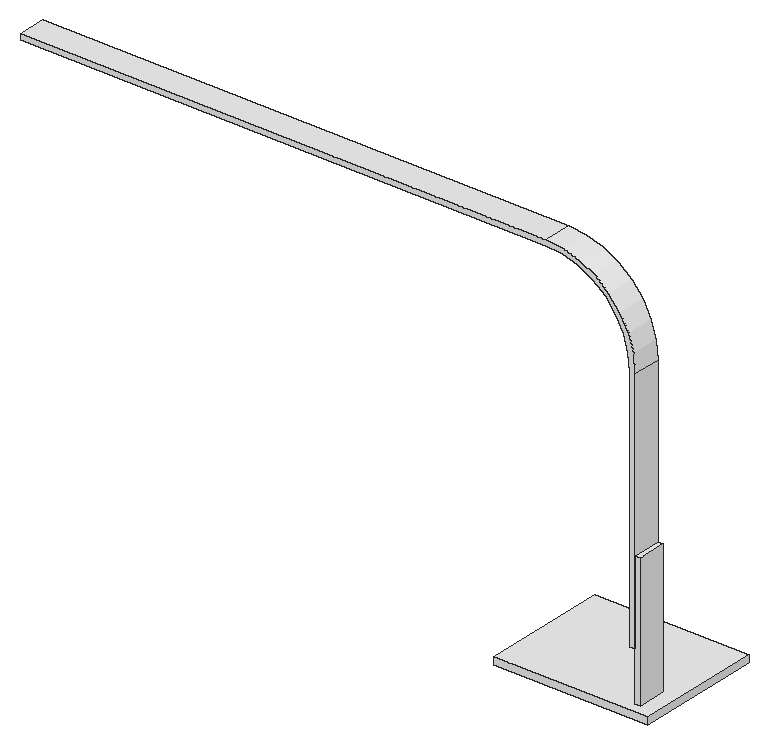
Revit family
Parameters (values of type "Freestanding Pivot")
  Worksurface Mount = no
  Width = 26 1/2"  # constant formula
  Wattage Comments = "3 and 7.5 Watts 120 Volt 60 Hertz"  # constant formula
  Wattage = 7.5 W
  Warranty = "www.haworth.com/en-us/Products/Pages/Certifications.aspx"
  built-in parameter 1150110 = 1 (stored number, unit not read)
  URL - Product = "http://www.haworth.com/en-us/Products/Furniture/Accessories/Lighting/Pages/LIM.aspx"
  URL = "www.haworth.com"
  Type Comments = " "
  built-in parameter 1114217 = 1 (stored number, unit not read)
  built-in parameter 1150109 = 1 (stored number, unit not read)
  built-in parameter 1150134 = 5
  Table Thickness = 1 1/2"  # constant formula
  Sustainability Info = "www.haworth.com/en-us/About-Us/Sustainability/Pages/Vision.aspx"
  built-in parameter 1150113 = 1 (stored number, unit not read)
  Stand Mount = not(Add On)  # yes
  Size = "Verify Final Dim. w/ Haworth"  # constant formula
  Revision Number = "2"  # constant formula
  Post to Centerline = 3"  # constant formula
  Model = "LIM"
  Min/Max Height = if(Freestanding Floor, "48-56 in.", if(Freestanding Pivot, "14-22 in.", "13-21 in."))  # "14-22 in."
  Manufacturer = "Haworth"  # constant formula
  built-in parameter 1150105 = 238.73 (stored number, unit not read)
  Lumens = 750 lm
  built-in parameter 1150115 = 1 (stored number, unit not read)
  Light Source Symbol Size = 17"  # constant formula
  Light Source Height = if(Add On, 3 3/4", Height - 3" / 16)  # 13 13/16"
  built-in parameter 1150137 = (empty or 0)
  built-in parameter 1150139 = (empty or 0)
  built-in parameter 1150112 = 1 (stored number, unit not read)
  built-in parameter 1150114 = 1 (stored number, unit not read)
  Lamp Finish = Haworth - Metal - Brushed Aluminum
  Lamp = ""
  LEED Data = "www.haworth.com/_layouts/Haworth.ProductCatalog/Handlers/GetAsset.ashx/LIM-Brochure.pdf?cid=724&rid=652&type=Brochure"
  built-in parameter 1150132 = (empty or 0)
  built-in parameter 1150102 = (empty or 0)
  built-in parameter 1150107 = 6000 (stored number, unit not read)
  built-in parameter 1150138 = (empty or 0)
  built-in parameter 1150106 = 59.683 (stored number, unit not read)
  Height = if(Freestanding Floor, 50", 14")  # 14"
  Grommet Mount = no
  Freestanding Pivot = not(or(Freestanding Block, Freestanding Floor, Grommet Mount, Worksurface Mount))  # yes
  Freestanding Floor = no
  Freestanding Block = no
  Emit from Line Length = 17"  # constant formula
  built-in parameter 1150104 = 9.2903 (stored number, unit not read)
  Dimming Lamp Color Temperature Shift = (empty or 0)
  Description = "LIM Light"  # constant formula
  Color Filter = 16777215
  Bracket Mount = or(Grommet Mount, Worksurface Mount)  # no
  Base Offset [instance] = 29"
  Base = or(Freestanding Floor, Freestanding Pivot)  # yes
  built-in parameter 1114218 = 1 (stored number, unit not read)
  Author = "SHAPE Environments, LLC"  # constant formula
  built-in parameter 1150133 = 2 (stored number, unit not read)
  Assembly Code = "D5020200"
  Arm Length = 22"  # constant formula
  Add on Offset = if(Freestanding Block, 3 1/2", if(Freestanding Floor, 1", 3/16"))  # 3/16"
  Add On = no
Types (5): name | Worksurface Mount | Min/Max Height | Light Source Height | Height | Grommet Mount | Freestanding Pivot | Freestanding Floor | Freestanding Block | Bracket Mount | Base Offset | Base | Add on Offset
  Grommet Mount | no | "13-21 in." | 13 13/16" | 14" | yes | no | no | no | yes | 29" | no | 3/16"
  Freestanding Block | no | "13-21 in." | 13 13/16" | 14" | no | no | no | yes | no | 29" | no | 3 1/2"
  Freestanding Pivot | no | "14-22 in." | 13 13/16" | 14" | no | yes | no | no | no | 29" | yes | 3/16"
  Freestanding Floor | no | "48-56 in." | 49 13/16" | 50" | no | no | yes | no | no | 0" | yes | 1"
  Worksurface Mount | yes | "13-21 in." | 13 13/16" | 14" | no | no | no | no | yes | 29" | no | 3/16"
Reference planes (in)
  plane 1 "Center F/B": y = 8.82887
  plane 2 "Base": z = 29
  plane 3 "Center L/R": x = 1.15861
  plane 4 "Lamp Height": z = 43
  plane 5: z = 31
  plane 6 "Light Source": z = 42.8125
  plane 7 "Table Bottom": z = 27.5
Forms (in)
  Revolve 1, solid, material "Haworth - Metal - Brushed Aluminum" <- "Lamp Finish", visible <- "Grommet Mount"
    sketch origin (0, 8.82887, 0) x (1, 0, 0) y (0, 0, 1)
      loop
        line (1.15861, 29) -> (2.65861, 29) -> (2.65861, 29.0625) -> (1.15861, 29.0625) -> (1.15861, 29)
      axis (1.15861, 29.0625) -> (1.15861, 29)
    angle from 0 to 360
  Sweep 2, solid, material "Haworth - Metal - Brushed Aluminum" <- "Lamp Finish", visible <- "Stand Mount"
    path origin (3, 8.82887, 0) x (1, 0, 0) y (0, 0, 1)
      loop
        line (-23.84139, 43) -> (-5.02889, 43)
        arc (-5.02889, 43) -> (-2.77499, 42.0664) -> (-1.84139, 39.8125) r 3.1875
        line (-1.84139, 39.8125) -> (-1.84139, 31)
    profile "LIM_Profile : LIM_Profile" origin (-11.43514, 8.82887, 43) x (0, 0, 1) y (0, -1, 0)
      loop
        line (0, -0.5) -> (0, 0.5) -> (-0.1875, 0.5) -> (-0.1875, -0.5) -> (0, -0.5)
  Extrusion 3, solid, material "Haworth - Metal - Brushed Aluminum" <- "Lamp Finish", visible <- "Freestanding Block"
    sketch origin (1.15861, 0, 0) x (0, 1, 0) y (0, 0, 1)
      loop
        line (9.39137, 34.625) -> (8.26637, 34.625) -> (8.26637, 29.125) -> (7.32887, 29.125) -> (7.32887, 29) -> (10.32887, 29) -> (10.32887, 29.125) -> (9.39137, 29.125) -> (9.39137, 34.625)
    from 0 to 3.5
  Sweep 4, solid, material "Haworth - Metal - Brushed Aluminum" <- "Lamp Finish", visible <- "Freestanding Pivot"
    path origin (-0.68279, 8.82887, 0) x (-1, 0, 0) y (0, 0, 1)
      loop
        line (-1.84139, 34) -> (-1.84139, 29)
    profile "LIM_Profile : LIM_Profile" origin (1.15861, 8.82887, 31.5) x (1, 0, 0) y (0, -1, 0)
      loop
        line (0, -0.5) -> (0.1875, -0.5) -> (0.1875, 0.5) -> (0, 0.5) -> (0, -0.5)
  Extrusion 5, solid, material "Haworth - Metal - Brushed Aluminum" <- "Lamp Finish", visible <- "Freestanding Pivot"
    sketch origin (0, 0, 29) x (1, 0, 0) y (0, 1, 0)
      loop
        line (-3.59139, 12.45387) -> (-3.59139, 7.95387) -> (1.90861, 7.95387) -> (1.90861, 12.45387) -> (-3.59139, 12.45387)
    from 0 to 0.25
  Extrusion 6, solid, material "Haworth - Metal - Brushed Aluminum" <- "Lamp Finish", visible <- "Freestanding Floor"
    sketch origin (0, 0, 29) x (1, 0, 0) y (0, 1, 0)
      loop
        line (1.15861, 8.32887) -> (2.15861, 8.32887) -> (2.15861, 9.32887) -> (1.15861, 9.32887) -> (1.15861, 8.32887)
    from 0 to 38
  Extrusion 7, solid, material "Haworth - Metal - Brushed Aluminum" <- "Lamp Finish", visible <- "Freestanding Floor"
    sketch origin (0, 0, 29) x (1, 0, 0) y (0, 1, 0)
      loop
        line (-2.84139, 4.32887) -> (6.15861, 4.32887) -> (6.15861, 13.32887) -> (-2.84139, 13.32887) -> (-2.84139, 4.32887)
    from 0 to 0.375
  Sweep 8, solid, material "Haworth - Metal - Brushed Aluminum" <- "Lamp Finish", visible <- "Add On"
    path origin (1.00471, 8.82887, 0) x (-1, 0, 0) y (0, 0, 1)
      loop
        line (-22.34139, 43) -> (-3.52889, 43)
        arc (-3.52889, 43) -> (-1.27499, 42.0664) -> (-0.34139, 39.8125) r 3.1875
        line (-0.34139, 39.8125) -> (-0.34139, 31)
    profile "LIM_Profile : LIM_Profile" origin (13.93986, 8.82887, 43) x (0, 0, -1) y (0, -1, 0)
      loop
        line (0, -0.5) -> (0.1875, -0.5) -> (0.1875, 0.5) -> (0, 0.5) -> (0, -0.5)
  Sweep 9, solid, material "Haworth - Metal - Brushed Aluminum" <- "Lamp Finish", visible <- "Bracket Mount"
    path origin (3, 8.82887, 4) x (1, 0, 0) y (0, 0, -1)
      loop
        line (-5.90389, -23.3125) -> (-2.40389, -23.3125)
        arc (-2.40389, -23.3125) -> (-2.00614, -23.47725) -> (-1.84139, -23.875) r 0.5625
        line (-1.84139, -23.875) -> (-1.84139, -27)
    profile "LIM_Profile : LIM_Profile" origin (-1.15389, 8.82887, 27.3125) x (0, 0, 1) y (0, -1, 0)
      loop
        line (0, -0.5) -> (0.1875, -0.5) -> (0.1875, 0.5) -> (0, 0.5) -> (0, -0.5)
Cuts and joins
  joined: Sweep 4, Extrusion 5
  joined: Extrusion 6, Extrusion 7
Lines and regions (in)
  Masking region 1, visible <- "Stand Mount"
    outline origin (0, 0, 43) x (0, -1, 0) y (1, 0, 0)
      loop
        line (-9.32887, -20.84139) -> (-8.32887, -20.84139) -> (-8.32887, 1.15861) -> (-9.32887, 1.15861) -> (-9.32887, -20.84139)
  Masking region 2, visible <- "Add On"
    outline origin (0, 0, 43) x (0, -1, 0) y (1, 0, 0)
      loop
        line (-9.32887, 1.15861) -> (-8.32887, 1.15861) -> (-8.32887, 23.34611) -> (-9.32887, 23.34611) -> (-9.32887, 1.15861)
  Masking region 3, visible <- "Freestanding Floor"
    outline origin (0, 0, 0) x (1, 0, 0) y (0, 1, 0)
      loop
        line (-2.84139, 13.32887) -> (-2.84139, 4.32887) -> (6.15861, 4.32887) -> (6.15861, 13.32887) -> (-2.84139, 13.32887)
  Masking region 4, visible <- "Freestanding Pivot"
    outline origin (0, 0, 0) x (1, 0, 0) y (0, 1, 0)
      loop
        line (-3.59139, 12.45387) -> (-3.59139, 7.95387) -> (1.90861, 7.95387) -> (1.90861, 12.45387) -> (-3.59139, 12.45387)
  Masking region 5, visible <- "Grommet Mount"
    outline origin (0, 0, 0) x (1, 0, 0) y (0, 1, 0)
      loop
        circle (1.15861, 8.82887) r 1.5
  Masking region 6, visible <- "Freestanding Block"
    outline origin (0, 0, 0) x (1, 0, 0) y (0, 1, 0)
      loop
        line (4.65861, 10.32887) -> (1.15861, 10.32887) -> (1.15861, 7.32887) -> (4.65861, 7.32887) -> (4.65861, 10.32887)
  symbolic lines, style "Haworth", visible <- "Freestanding Pivot"
    curve 1: line (1.15861, 9.32887, 0) -> (1.15861, 8.32887, 0)
    curve 2: line (1.34611, 9.32887, 0) -> (1.34611, 8.32887, 0)
Dimensions and locks (in)
  "Height": plane 4 "Lamp Height" to plane 2 "Base"
  locked: plane 4 "Lamp Height" to plane 5 at 12
  Extrusion 5 sketch curve to plane 1 "Center F/B" to Extrusion 5 sketch curve = 7/8", 3 5/8"
  Extrusion 5 sketch curve to plane 3 "Center L/R" to Extrusion 5 sketch curve = 4 3/4", 3/4"
  "Light Source Height": plane 6 "Light Source" to plane 2 "Base"
  "Arm Length": plane 3 "Center L/R" to Sweep 2 sketch curve
  "Add on Offset": Sweep 8 sketch curve to plane 3 "Center L/R"
  "Arm Length": Sweep 8 sketch curve to Sweep 8 sketch curve
  "Table Thickness": plane 2 "Base" to plane 7 "Table Bottom"
  Sweep 4 sketch curve to plane 2 "Base" = 5"
  Revolve 1 sketch curve to plane 2 "Base" = 1/16"
  plane 2 "Base" to Extrusion 3 sketch curve = 5 5/8"
  Extrusion 3 sketch curve to Extrusion 3 sketch curve = 5 1/2"  (x2)
  "Base Offset": plane 2 "Base" to level
  locked: plane 7 "Table Bottom" to Sweep 9 sketch curve at 0.1875
  radius of Sweep 2 sketch curve = 3 3/16"
  radius of Sweep 8 sketch curve = 3 3/16"
  radius of Sweep 9 sketch curve = 9/16"
  aligned and locked: Sweep 2 sketch curve to plane 4 "Lamp Height"
  aligned and locked: plane 5 to Sweep 2 sketch curve
  aligned and locked: plane 6 "Light Source" to imposter light
  aligned and locked: plane 2 "Base" to Sweep 4 sketch curve
  aligned and locked: plane 2 "Base" to Revolve 1 sketch curve
  aligned and locked: plane 2 "Base" to Extrusion 3 sketch curve
  aligned and locked: plane 5 to Sweep 9 sketch curve
Automatic sketch dimensions
  Revolve 1 sketch curve to plane 3 "Center L/R" = 0"  (x2)
  plane 3 "Center L/R" to Revolve 1 sketch curve = 1 1/2"
  plane 7 "Table Bottom" to Revolve 1 sketch curve = 0.9535"
  Revolve 1 sketch curve to plane 5 = 0.641"
  Sweep 2 sketch curve to plane 3 "Center L/R" = 0"
  plane 1 "Center F/B" to Extrusion 3 sketch curve = 1 1/2"
  plane 1 "Center F/B" to Extrusion 3 sketch curve = 9/16"
  Extrusion 3 sketch curve to plane 1 "Center F/B" = 9/16"
  Extrusion 3 sketch curve to Extrusion 3 sketch curve = 15/16"
  Sweep 4 sketch curve to plane 3 "Center L/R" = 0"
  Extrusion 6 sketch curve to plane 3 "Center L/R" = 0"
  plane 1 "Center F/B" to Extrusion 6 sketch curve = 1/2"
  plane 3 "Center L/R" to Extrusion 6 sketch curve = 1"
  Extrusion 6 sketch curve to plane 1 "Center F/B" = 1/2"
  Extrusion 7 sketch curve to plane 3 "Center L/R" = 4"
  plane 3 "Center L/R" to Extrusion 7 sketch curve = 5"
  plane 1 "Center F/B" to Extrusion 7 sketch curve = 4 1/2"
  Extrusion 7 sketch curve to plane 1 "Center F/B" = 4 1/2"
  Sweep 8 sketch curve to plane 5 = 0"
  Sweep 8 sketch curve to plane 4 "Lamp Height" = 0"
  Sweep 9 sketch curve to plane 3 "Center L/R" = 0"
  Sweep 9 sketch curve to Sweep 9 sketch curve = 3 1/2"
  Masking region 3 sketch curve to plane 3 "Center L/R" = 4"
  plane 3 "Center L/R" to Masking region 3 sketch curve = 5"
  plane 1 "Center F/B" to Masking region 3 sketch curve = 4 1/2"
  Masking region 3 sketch curve to plane 1 "Center F/B" = 4 1/2"
  plane 1 "Center F/B" to Masking region 4 sketch curve = 7/8"
  Masking region 4 sketch curve to plane 3 "Center L/R" = 4 3/4"
  plane 3 "Center L/R" to Masking region 4 sketch curve = 3/4"
  Masking region 4 sketch curve to plane 1 "Center F/B" = 3 5/8"
  plane 1 "Center F/B" to Masking region 5 sketch curve = 0"
  Masking region 5 sketch curve to plane 3 "Center L/R" = 0"
  curve 1 to plane 3 "Center L/R" = 0"
  plane 3 "Center L/R" to curve 2 = 3/16"
  plane 1 "Center F/B" to curve 2 = 1/2"
  curve 1 to curve 2 = 0"  (x2)
  curve 1 to plane 1 "Center F/B" = 1/2"
  Masking region 1 sketch curve to plane 3 "Center L/R" = 0"
  Masking region 1 sketch curve to plane 1 "Center F/B" = 1/2"
  plane 1 "Center F/B" to Masking region 1 sketch curve = 1/2"
  Masking region 1 sketch curve to Masking region 1 sketch curve = 22"
  Masking region 2 sketch curve to plane 3 "Center L/R" = 0"
  Masking region 2 sketch curve to plane 1 "Center F/B" = 1/2"
  plane 1 "Center F/B" to Masking region 2 sketch curve = 1/2"
  plane 3 "Center L/R" to Masking region 2 sketch curve = 22 3/16"
  Masking region 6 sketch curve to plane 3 "Center L/R" = 0"
  plane 1 "Center F/B" to Masking region 6 sketch curve = 1 1/2"
  Masking region 6 sketch curve to Masking region 6 sketch curve = 3 1/2"
  Masking region 6 sketch curve to plane 1 "Center F/B" = 1 1/2"
  radius of Masking region 5 sketch curve = 1 1/2"
